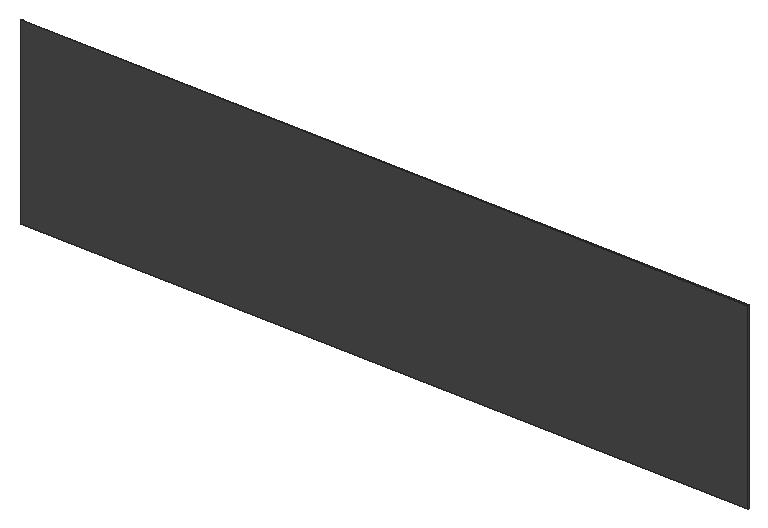
Revit family "Pantalla Modelo SF_SF10200W.1", category Luminarias, Revit 2019
Family settings
  Cota de conector redondo = Diámetro de uso
  Tipo de pieza = Normal
  Se basa en plano de trabajo = Sí
  Siempre vertical = No
  Corte con vacíos al cargar = No
  Origen de luz = No
  Compartido = No
  Punto de cálculo de habitación = No
Parameters (values of type "Pantalla Modelo SF_SF10200W.1")
  Zone [instance] = ""
  Watt per fixture = 200
  Keynote = ""
  Modulo largo = 1280 mm
  Modulo alto = 320 mm
  Modelo = "SF10200W.1"
  Lámpara = "SMD"
  Fabricante = "BRILLANT"
  Espesor = 0.8 mm
  Default Elevation = 0 mm
  Descripción = "PANTALLA MODELO SF10, PIXEL PITCH 10MM, RESOLUCION DE PANEL 128X32 DOTS, CANTIDAD/PANEL LED 10,000 DOTS, CONFIGURACION DE PIXEL SMD 3 EN 1, BRILLO 2000 NITS, FRECUENCIA DE ACTUALIZACION 3000Hz, ESCALA DE GRISES 16 BIT, AJUSTE DE BRILLO 256 NIVELES, CONTRASTE 2000:1, DIMENSION DEL PANEL 1280X320MM, PANEL 04096M2, PESO DEL PANEL 4.5kg, MAXIMO CONSUMO DE ENERGIA 200W, ANGULO DE VISUALIZACION 120 GRADOS EN HORIZONTAL Y VERTICAL, DISTANCIA DE VISUALIZACION 10M, TRANSPARENCIA 25%, PUNTO DE CONTROL <0.0002, DURACION DE LAS LUCES (50%  DE BRILLO) >50,000 HORAS, TEMPERATURA DE OPERACIÓN -10C +40C, HUMEDAD RELATIVA 10-90%, IP 43/54 (OPCIONAL), VOLTAJE AC 100-240V/50-60Hz, MODO DE ENTRADA CORRIENTE CONSTANTE, TIPO DE SEÑAL AV/S-VIDEO/VGA/CVBS/HDMI/DVI/SDI, DISTANCIA DE CONTROL HSYV <100M."
  Comentarios de vataje = "100-240V"
  Circuit [instance] = ""
Reference planes
  plane 1 "Centro (Frontal/Posterior)": y = 0
  plane 2: z = 0
  plane 3 "Centro (Izquierda/Derecha)": x = 0
  plane 4: z = -320
  plane 5: x = -640
  plane 6: x = 640
  plane 7: y = 0.8
Forms (mm)
  Extrusion 1, solid, material "Plastico"
    sketch origin (0, 0, 0) x (1, 0, 0) y (0, 1, 0)
      loop
        line (-640, 0) -> (640, 0) -> (640, 0.8) -> (-640, 0.8) -> (-640, 0)
    from 0 to -320
  Revolve 2, solid, material "Cristal", not visible
    sketch origin (-152, 0, 0) x (0, 1, 0) y (0, 0, -1)
      loop
        line (0, -8.749) -> (0, -7.25) -> (-1.499, -7.25)
        arc (-1.499, -7.25) -> (-1.06, -8.31) -> (0, -8.749) r 1.499
      axis (0, -7.25) -> (-1.499, -7.25)
    angle from 0 to 360
  Revolve 3, solid, material "Cristal", not visible
    sketch origin (-136, 0, 0) x (0, 1, 0) y (0, 0, -1)
      loop
        line (0, -8.749) -> (0, -7.25) -> (-1.499, -7.25)
        arc (-1.499, -7.25) -> (-1.06, -8.31) -> (0, -8.749) r 1.499
      axis (0, -7.25) -> (-1.499, -7.25)
    angle from 0 to 360
  Revolve 4, solid, material "Cristal", not visible
    sketch origin (-120, 0, 0) x (0, 1, 0) y (0, 0, -1)
      loop
        line (0, -8.749) -> (0, -7.25) -> (-1.499, -7.25)
        arc (-1.499, -7.25) -> (-1.06, -8.31) -> (0, -8.749) r 1.499
      axis (0, -7.25) -> (-1.499, -7.25)
    angle from 0 to 360
  Revolve 5, solid, material "Cristal", not visible
    sketch origin (-104, 0, 0) x (0, 1, 0) y (0, 0, -1)
      loop
        line (0, -8.749) -> (0, -7.25) -> (-1.499, -7.25)
        arc (-1.499, -7.25) -> (-1.06, -8.31) -> (0, -8.749) r 1.499
      axis (0, -7.25) -> (-1.499, -7.25)
    angle from 0 to 360
  Revolve 6, solid, material "Cristal", not visible
    sketch origin (-88, 0, 0) x (0, 1, 0) y (0, 0, -1)
      loop
        line (0, -8.749) -> (0, -7.25) -> (-1.499, -7.25)
        arc (-1.499, -7.25) -> (-1.06, -8.31) -> (0, -8.749) r 1.499
      axis (0, -7.25) -> (-1.499, -7.25)
    angle from 0 to 360
  Revolve 7, solid, material "Cristal", not visible
    sketch origin (-72, 0, 0) x (0, 1, 0) y (0, 0, -1)
      loop
        line (0, -8.749) -> (0, -7.25) -> (-1.499, -7.25)
        arc (-1.499, -7.25) -> (-1.06, -8.31) -> (0, -8.749) r 1.499
      axis (0, -7.25) -> (-1.499, -7.25)
    angle from 0 to 360
  Revolve 8, solid, material "Cristal", not visible
    sketch origin (-56, 0, 0) x (0, 1, 0) y (0, 0, -1)
      loop
        line (0, -8.749) -> (0, -7.25) -> (-1.499, -7.25)
        arc (-1.499, -7.25) -> (-1.06, -8.31) -> (0, -8.749) r 1.499
      axis (0, -7.25) -> (-1.499, -7.25)
    angle from 0 to 360
  Revolve 9, solid, material "Cristal", not visible
    sketch origin (-40, 0, 0) x (0, 1, 0) y (0, 0, -1)
      loop
        line (0, -8.749) -> (0, -7.25) -> (-1.499, -7.25)
        arc (-1.499, -7.25) -> (-1.06, -8.31) -> (0, -8.749) r 1.499
      axis (0, -7.25) -> (-1.499, -7.25)
    angle from 0 to 360
  Revolve 10, solid, material "Cristal", not visible
    sketch origin (-24, 0, 0) x (0, 1, 0) y (0, 0, -1)
      loop
        line (0, -8.749) -> (0, -7.25) -> (-1.499, -7.25)
        arc (-1.499, -7.25) -> (-1.06, -8.31) -> (0, -8.749) r 1.499
      axis (0, -7.25) -> (-1.499, -7.25)
    angle from 0 to 360
  Revolve 11, solid, material "Cristal", not visible
    sketch origin (-8, 0, 0) x (0, 1, 0) y (0, 0, -1)
      loop
        line (0, -8.749) -> (0, -7.25) -> (-1.499, -7.25)
        arc (-1.499, -7.25) -> (-1.06, -8.31) -> (0, -8.749) r 1.499
      axis (0, -7.25) -> (-1.499, -7.25)
    angle from 0 to 360
  Revolve 12, solid, material "Cristal", not visible
    sketch origin (8, 0, 0) x (0, 1, 0) y (0, 0, -1)
      loop
        line (0, -8.749) -> (0, -7.25) -> (-1.499, -7.25)
        arc (-1.499, -7.25) -> (-1.06, -8.31) -> (0, -8.749) r 1.499
      axis (0, -7.25) -> (-1.499, -7.25)
    angle from 0 to 360
  Revolve 13, solid, material "Cristal", not visible
    sketch origin (24, 0, 0) x (0, 1, 0) y (0, 0, -1)
      loop
        line (0, -8.749) -> (0, -7.25) -> (-1.499, -7.25)
        arc (-1.499, -7.25) -> (-1.06, -8.31) -> (0, -8.749) r 1.499
      axis (0, -7.25) -> (-1.499, -7.25)
    angle from 0 to 360
  Revolve 14, solid, material "Cristal", not visible
    sketch origin (40, 0, 0) x (0, 1, 0) y (0, 0, -1)
      loop
        line (0, -8.749) -> (0, -7.25) -> (-1.499, -7.25)
        arc (-1.499, -7.25) -> (-1.06, -8.31) -> (0, -8.749) r 1.499
      axis (0, -7.25) -> (-1.499, -7.25)
    angle from 0 to 360
  Revolve 15, solid, material "Cristal", not visible
    sketch origin (56, 0, 0) x (0, 1, 0) y (0, 0, -1)
      loop
        line (0, -8.749) -> (0, -7.25) -> (-1.499, -7.25)
        arc (-1.499, -7.25) -> (-1.06, -8.31) -> (0, -8.749) r 1.499
      axis (0, -7.25) -> (-1.499, -7.25)
    angle from 0 to 360
  Revolve 16, solid, material "Cristal", not visible
    sketch origin (72, 0, 0) x (0, 1, 0) y (0, 0, -1)
      loop
        line (0, -8.749) -> (0, -7.25) -> (-1.499, -7.25)
        arc (-1.499, -7.25) -> (-1.06, -8.31) -> (0, -8.749) r 1.499
      axis (0, -7.25) -> (-1.499, -7.25)
    angle from 0 to 360
  Revolve 17, solid, material "Cristal", not visible
    sketch origin (88, 0, 0) x (0, 1, 0) y (0, 0, -1)
      loop
        line (0, -8.749) -> (0, -7.25) -> (-1.499, -7.25)
        arc (-1.499, -7.25) -> (-1.06, -8.31) -> (0, -8.749) r 1.499
      axis (0, -7.25) -> (-1.499, -7.25)
    angle from 0 to 360
  Revolve 18, solid, material "Cristal", not visible
    sketch origin (104, 0, 0) x (0, 1, 0) y (0, 0, -1)
      loop
        line (0, -8.749) -> (0, -7.25) -> (-1.499, -7.25)
        arc (-1.499, -7.25) -> (-1.06, -8.31) -> (0, -8.749) r 1.499
      axis (0, -7.25) -> (-1.499, -7.25)
    angle from 0 to 360
  Revolve 19, solid, material "Cristal", not visible
    sketch origin (120, 0, 0) x (0, 1, 0) y (0, 0, -1)
      loop
        line (0, -8.749) -> (0, -7.25) -> (-1.499, -7.25)
        arc (-1.499, -7.25) -> (-1.06, -8.31) -> (0, -8.749) r 1.499
      axis (0, -7.25) -> (-1.499, -7.25)
    angle from 0 to 360
  Revolve 20, solid, material "Cristal", not visible
    sketch origin (136, 0, 0) x (0, 1, 0) y (0, 0, -1)
      loop
        line (0, -8.749) -> (0, -7.25) -> (-1.499, -7.25)
        arc (-1.499, -7.25) -> (-1.06, -8.31) -> (0, -8.749) r 1.499
      axis (0, -7.25) -> (-1.499, -7.25)
    angle from 0 to 360
  Revolve 21, solid, material "Cristal", not visible
    sketch origin (152, 0, 0) x (0, 1, 0) y (0, 0, -1)
      loop
        line (0, -8.749) -> (0, -7.25) -> (-1.499, -7.25)
        arc (-1.499, -7.25) -> (-1.06, -8.31) -> (0, -8.749) r 1.499
      axis (0, -7.25) -> (-1.499, -7.25)
    angle from 0 to 360
Dimensions and locks
  equal spacing: plane 6, plane 3 "Centro (Izquierda/Derecha)", plane 5
  "Modulo largo": plane 6 to plane 5
  plane 3 "Centro (Izquierda/Derecha)" to plane 5 = 640 mm
  "Espesor": plane 1 "Centro (Frontal/Posterior)" to plane 7
  "Modulo alto": level to plane 4
  aligned and locked: plane 4 to Extrusion 1
  aligned and locked: plane 5 to Extrusion 1
  aligned and locked: Extrusion 1 to plane 6
  aligned and locked: Extrusion 1 to plane 7
  aligned and locked: level to plane 2
Automatic sketch dimensions
  Revolve 2 sketch curve to Revolve 2 sketch curve = 1.499 mm
  Revolve 2 sketch curve to Revolve 2 sketch curve = 3.099 mm
  Revolve 2 sketch curve to Revolve 2 sketch curve = 0 mm  (x2)
  Revolve 3 sketch curve to Revolve 3 sketch curve = 1.499 mm
  Revolve 3 sketch curve to Revolve 3 sketch curve = 3.099 mm
  Revolve 3 sketch curve to Revolve 3 sketch curve = 0 mm  (x2)
  Revolve 4 sketch curve to Revolve 4 sketch curve = 1.499 mm
  Revolve 4 sketch curve to Revolve 4 sketch curve = 3.099 mm
  Revolve 4 sketch curve to Revolve 4 sketch curve = 0 mm  (x2)
  Revolve 5 sketch curve to Revolve 5 sketch curve = 1.499 mm
  Revolve 5 sketch curve to Revolve 5 sketch curve = 3.099 mm
  Revolve 5 sketch curve to Revolve 5 sketch curve = 0 mm  (x2)
  Revolve 6 sketch curve to Revolve 6 sketch curve = 1.499 mm
  Revolve 6 sketch curve to Revolve 6 sketch curve = 3.099 mm
  Revolve 6 sketch curve to Revolve 6 sketch curve = 0 mm  (x2)
  Revolve 7 sketch curve to Revolve 7 sketch curve = 1.499 mm
  Revolve 7 sketch curve to Revolve 7 sketch curve = 3.099 mm
  Revolve 7 sketch curve to Revolve 7 sketch curve = 0 mm  (x2)
  Revolve 8 sketch curve to Revolve 8 sketch curve = 1.499 mm
  Revolve 8 sketch curve to Revolve 8 sketch curve = 3.099 mm
  Revolve 8 sketch curve to Revolve 8 sketch curve = 0 mm  (x2)
  Revolve 9 sketch curve to Revolve 9 sketch curve = 1.499 mm
  Revolve 9 sketch curve to Revolve 9 sketch curve = 3.099 mm
  Revolve 9 sketch curve to Revolve 9 sketch curve = 0 mm  (x2)
  Revolve 10 sketch curve to Revolve 10 sketch curve = 1.499 mm
  Revolve 10 sketch curve to Revolve 10 sketch curve = 3.099 mm
  Revolve 10 sketch curve to Revolve 10 sketch curve = 0 mm  (x2)
  Revolve 11 sketch curve to Revolve 11 sketch curve = 1.499 mm
  Revolve 11 sketch curve to Revolve 11 sketch curve = 3.099 mm
  Revolve 11 sketch curve to Revolve 11 sketch curve = 0 mm  (x2)
  Revolve 12 sketch curve to Revolve 12 sketch curve = 1.499 mm
  Revolve 12 sketch curve to Revolve 12 sketch curve = 3.099 mm
  Revolve 12 sketch curve to Revolve 12 sketch curve = 0 mm  (x2)
  Revolve 13 sketch curve to Revolve 13 sketch curve = 1.499 mm
  Revolve 13 sketch curve to Revolve 13 sketch curve = 3.099 mm
  Revolve 13 sketch curve to Revolve 13 sketch curve = 0 mm  (x2)
  Revolve 14 sketch curve to Revolve 14 sketch curve = 1.499 mm
  Revolve 14 sketch curve to Revolve 14 sketch curve = 3.099 mm
  Revolve 14 sketch curve to Revolve 14 sketch curve = 0 mm  (x2)
  Revolve 15 sketch curve to Revolve 15 sketch curve = 1.499 mm
  Revolve 15 sketch curve to Revolve 15 sketch curve = 3.099 mm
  Revolve 15 sketch curve to Revolve 15 sketch curve = 0 mm  (x2)
  Revolve 16 sketch curve to Revolve 16 sketch curve = 1.499 mm
  Revolve 16 sketch curve to Revolve 16 sketch curve = 3.099 mm
  Revolve 16 sketch curve to Revolve 16 sketch curve = 0 mm  (x2)
  Revolve 17 sketch curve to Revolve 17 sketch curve = 1.499 mm
  Revolve 17 sketch curve to Revolve 17 sketch curve = 3.099 mm
  Revolve 17 sketch curve to Revolve 17 sketch curve = 0 mm  (x2)
  Revolve 18 sketch curve to Revolve 18 sketch curve = 1.499 mm
  Revolve 18 sketch curve to Revolve 18 sketch curve = 3.099 mm
  Revolve 18 sketch curve to Revolve 18 sketch curve = 0 mm  (x2)
  Revolve 19 sketch curve to Revolve 19 sketch curve = 1.499 mm
  Revolve 19 sketch curve to Revolve 19 sketch curve = 3.099 mm
  Revolve 19 sketch curve to Revolve 19 sketch curve = 0 mm  (x2)
  Revolve 20 sketch curve to Revolve 20 sketch curve = 1.499 mm
  Revolve 20 sketch curve to Revolve 20 sketch curve = 3.099 mm
  Revolve 20 sketch curve to Revolve 20 sketch curve = 0 mm  (x2)
  Revolve 21 sketch curve to Revolve 21 sketch curve = 1.499 mm
  Revolve 21 sketch curve to Revolve 21 sketch curve = 3.099 mm
  Revolve 21 sketch curve to Revolve 21 sketch curve = 0 mm  (x2)
  Extrusion 1 sketch curve to plane 5 = 0 mm
  Extrusion 1 sketch curve to plane 6 = 0 mm
  plane 1 "Centro (Frontal/Posterior)" to Extrusion 1 sketch curve = 0 mm
  Extrusion 1 sketch curve to plane 7 = 0 mm
Connectors
  electrical at (0, 0.8, -160)
    settings: on Extrusion 1, index 1, voltage 260 V, apparent load 0 VA, apparent load phase1 0 VA, apparent load phase2 0 VA, apparent load phase3 0 VA, power factor 1, load classification "Otro", number of poles 1, system type 31, power factor state 1, is connector primary yes, connector utility no, sub classification motor no, connector description ""
